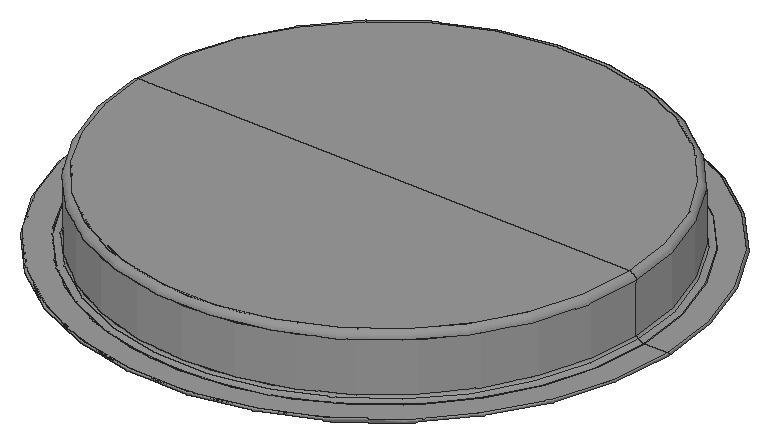
Revit family "MIA12_63_UN_Downlighter_ETK", category Lighting Fixtures, Revit 2017 (continued)
Definition of nested family "MIA.1 - Lightsource"
  Types (8, lengths in mm): name | Wattage | built-in parameter 1150134 | Photometric Web File | built-in parameter 1150142 | built-in parameter 1150105 | Lumens | built-in parameter 1150107 | built-in parameter 1150106
       317.2972 314.8072 312.5106 \r\n309.5975 306.3218 303.0219 299.8549 296.9781 293.2914 \r\n289.9674 286.5103 282.8599 279.1249 275.559 271.2559 \r\n267.7868 263.5441 259.2893 255.2278 250.9005 246.7908 \r\n242.0887 237.1208 232.6846 227.8375 223.7157 218.2763 \r\n212.8369 207.3976 202.3812 197.2924 192.2277 186.9334 \r\n181.7237 176.7194 171.4856 166.2758 160.6672 155.2158 \r\n149.8731 144.4216 138.9581 133.6275 128.4298 122.8938 \r\n117.2851 111.8095 106.4306 100.8582 95.3584 89.9432 84.4192 \r\n79.0886 73.758 68.234 62.9034 57.6454 52.4961 47.2984 \r\n42.1492 37.1449 32.2253 27.2936 22.4586 17.7203 13.0062 \r\n8.4492 4.0735 1.1121 0.0604 0.0604 0.0604 0.0604 0.0725 \r\n0.0725 0.0725 0.0846 0.0846 0.0967 0.1088 0.1209 0.1209 \r\n0.133 0.133 0.1571 0.1571 0.1692 0.1813 0.1813 0.1934 \r\n0.2055 0.2055 0.2176 0.2297 0.2297 0.2418 0.2538 0.2538 \r\n0.2659 0.2659 0.278 0.2901 0.2901 0.3022 0.3022 0.3143 \r\n0.3264 0.3264 0.3385 0.3385 0.3505 0.3505 0.3626 0.3626 \r\n0.3747 0.3868 0.3868 0.3868 0.411 0.411 0.4231 0.4231 \r\n0.4352 0.4352 0.4472 0.4472 0.4593 0.4593 0.4593 0.4714 \r\n0.4714 0.4714 0.4835 0.4835 0.4835 0.4956 0.4956 0.5198 \r\n0.5198 0.5319 0.5439 0.5439 0.556 0.5681 0.5802 0.5923 \r\n0.5923 0.6044 0.6044 0.6165 0.6165 0.6165 0.6165 0.6286 \r\n0.6286 0.6286 0.6286 0.6286 0.6286 0.6406 \r\n347.3105 347.2259 347.5644 346.8875 346.0776 344.0106 \r\n343.9018 343.2612 342.1612 340.5657 339.6833 338.0152 \r\n335.8637 334.2923 332.4066 330.5572 328.9254 326.3508 \r\n324.0904 321.5762 319.3521 316.4269 313.5501 311.0117 \r\n308.014 304.968 301.8373 297.9935 295.3947 291.9255 \r\n288.2872 284.9873 281.2764 277.2392 273.4437 269.5032 \r\n265.0671 261.2233 256.8113 253.3664 248.6402 244.1919 \r\n239.5503 235.223 230.5572 225.9398 221.0444 216.2456 \r\n211.2656 206.2734 201.4989 196.5188 191.1761 186.0389 \r\n180.8776 175.4382 170.1438 164.7286 159.2409 154.14 \r\n148.7489 143.2612 137.7372 132.189 126.9431 121.129 \r\n115.9072 110.4194 104.9317 99.4319 93.9925 88.4202 83.1621 \r\n77.6623 72.235 67.0615 61.6826 56.4366 51.1664 46.0534 \r\n40.9525 35.9483 30.9924 26.0486 21.274 16.4511 11.7732 \r\n7.2283 3.0219 0.689 0.0846 0.0846 0.0725 0.0725 0.0725 \r\n0.0725 0.0725 0.0725 0.0725 0.0846 0.0846 0.0967 0.0967 \r\n0.1088 0.1088 0.1209 0.133 0.1451 0.1571 0.1571 0.1692 \r\n0.1813 0.1813 0.1934 0.2055 0.2176 0.2176 0.2297 0.2297 \r\n0.2418 0.2538 0.2659 0.2659 0.278 0.278 0.278 0.2901 0.2901 \r\n0.3022 0.3143 0.3264 0.3264 0.3264 0.3385 0.3385 0.3505 \r\n0.3626 0.3626 0.3868 0.3868 0.3868 0.3989 0.3989 0.411 \r\n0.411 0.4231 0.4352 0.4352 0.4352 0.4352 0.4472 0.4472 \r\n0.4472 0.4593 0.4593 0.4593 0.4714 0.4714 0.4956 0.4956 \r\n0.5077 0.5077 0.5198 0.5439 0.556 0.556 0.556 0.5681 0.5802 \r\n0.5923 0.6165 0.6286 0.6286 0.6286 0.6406 0.6406 0.6406 \r\n0.6406 0.6406 0.6406 0.6406 \r\n346.7666 346.4402 345.9567 345.9446 345.3282 344.204 \r\n343.8293 342.4634 341.1822 340.2998 338.5833 337.3625 \r\n335.9362 333.8813 331.8143 330.2671 327.9463 326.0123 \r\n323.1234 320.851 318.8444 316.161 313.3084 309.9601 307.047 \r\n304.4119 301.0274 298.2352 294.5002 291.164 287.5257 284.25 \r\n280.6479 276.792 273.202 268.9955 264.7286 260.4497 \r\n256.6421 252.0972 247.9874 243.7689 239.3207 234.3406 \r\n229.9045 225.2992 220.0169 214.7347 209.4524 204.3515 \r\n199.033 194.0409 188.9399 184.0687 178.9073 173.8547 \r\n168.5241 163.121 157.8025 152.2422 146.8875 141.4481 \r\n136.0812 130.7869 125.1058 119.7026 114.3721 108.7997 \r\n103.3724 97.8605 92.4816 87.0543 81.6632 76.1876 70.7845 \r\n65.4901 60.1837 54.974 49.8006 44.5062 39.4778 34.4615 \r\n29.5298 24.719 19.896 15.1094 10.4557 5.9591 2.0911 0.2538 \r\n0.0725 0.0725 0.0725 0.0725 0.0725 0.0846 0.0846 0.0967 \r\n0.0967 0.1088 0.1209 0.1209 0.133 0.1451 0.1451 0.1571 \r\n0.1692 0.1692 0.1813 0.1934 0.1934 0.2176 0.2176 0.2297 \r\n0.2297 0.2418 0.2538 0.2538 0.2659 0.278 0.278 0.2901 \r\n0.2901 0.3022 0.3022 0.3143 0.3264 0.3264 0.3385 0.3385 \r\n0.3505 0.3505 0.3626 0.3626 0.3747 0.3747 0.3868 0.3868 \r\n0.3989 0.411 0.4231 0.4231 0.4352 0.4352 0.4472 0.4593 \r\n0.4593 0.4593 0.4714 0.4714 0.4714 0.4835 0.4835 0.4835 \r\n0.4835 0.4956 0.4956 0.5198 0.5198 0.5319 0.5439 0.556 \r\n0.556 0.5681 0.5802 0.5923 0.5923 0.6044 0.6044 0.6165 \r\n0.6165 0.6165 0.6165 0.6286 0.6286 0.6286 0.6286 0.6286 \r\n0.6286 0.6286 0.6406 \r\n348.3742 347.5281 347.0446 347.1171 345.6545 344.7842 \r\n343.8777 343.237 342.1008 340.3965 338.4987 337.5438 \r\n335.912 334.1956 332.2737 329.9529 327.7408 325.8915 \r\n323.3652 320.5488 318.3126 315.8226 312.6315 309.8392 \r\n307.0591 303.2636 300.5198 297.5341 294.0892 290.463 \r\n286.8609 282.6061 279.0161 275.5953 271.2438 267.8956 \r\n263.6287 259.6156 255.0465 251.1302 247.0688 241.9437 \r\n237.6163 232.9385 228.3694 223.6674 218.7598 213.8281 \r\n208.6547 204.0251 198.9605 194.1738 189.0729 183.6335 \r\n178.7381 173.4196 167.9197 162.7342 157.2465 151.8433 \r\n146.2106 140.8316 135.1988 129.832 124.308 118.7477 \r\n113.2117 107.7602 102.3208 97.099 91.5146 86.0389 80.5633 \r\n75.2206 69.7329 64.5111 59.2288 53.9707 48.7731 43.6359 \r\n38.6196 33.6637 28.732 23.7036 18.9653 14.2391 9.537 5.0888 \r\n1.5835 0.1451 0.0846 0.0846 0.0846 0.0846 0.0846 0.0846 \r\n0.0846 0.0846 0.0846 0.0846 0.0846 0.0967 0.0967 0.1209 \r\n0.1209 0.133 0.1451 0.1571 0.1571 0.1571 0.1692 0.1813 \r\n0.1934 0.2055 0.2055 0.2176 0.2297 0.2297 0.2418 0.2418 \r\n0.2538 0.2659 0.2659 0.278 0.278 0.2901 0.2901 0.3022 \r\n0.3022 0.3264 0.3264 0.3264 0.3264 0.3385 0.3385 0.3505 \r\n0.3626 0.3626 0.3747 0.3868 0.3868 0.3989 0.411 0.411 \r\n0.4231 0.4352 0.4352 0.4472 0.4472 0.4472 0.4472 0.4472 \r\n0.4472 0.4593 0.4593 0.4593 0.4714 0.4835 0.4956 0.4956 \r\n0.5077 0.5198 0.5319 0.5439 0.556 0.556 0.5681 0.5681 \r\n0.5802 0.5923 0.6165 0.6286 0.6406 0.6406 0.6406 0.6527 \r\n0.6527 0.6527 0.6648 0.6406 0.6406 \r\n347.794 347.371 346.549 345.9688 345.4491 344.1557 343.1403 \r\n342.959 341.8953 340.8316 339.2965 338.0152 336.5526 \r\n334.2439 332.5758 330.7385 328.2364 325.9277 323.6069 \r\n321.1531 318.0829 315.8951 312.9941 310.1777 306.8174 \r\n304.1702 301.0758 297.6429 294.3914 290.8014 287.2477 \r\n283.7906 280.1644 276.5623 272.1262 268.1736 264.1605 \r\n259.8936 255.7597 251.5774 246.4886 242.3305 237.8581 \r\n233.2165 228.6595 224.2596 218.8323 213.4051 207.9898 \r\n202.9373 197.8847 193.0134 188.0938 182.6544 177.2996 \r\n172.0778 166.6143 161.1386 155.9289 150.6588 145.3161 \r\n139.8042 134.3165 128.7199 123.3893 117.8049 112.4501 \r\n106.902 101.4384 95.9265 90.5597 84.9752 79.4875 74.1569 \r\n68.8867 63.5803 58.153 53.0037 47.8545 42.7052 37.6526 \r\n32.6725 27.7529 22.8938 18.0708 13.3688 8.7393 4.3757 \r\n1.2571 0.0725 0.0725 0.0725 0.0725 0.0846 0.0846 0.0967 \r\n0.1088 0.1088 0.1088 0.1209 0.133 0.1451 0.1451 0.1571 \r\n0.1571 0.1692 0.1813 0.1934 0.1934 0.2055 0.2055 0.2176 \r\n0.2297 0.2418 0.2418 0.2538 0.2659 0.2659 0.278 0.2901 \r\n0.3022 0.3022 0.3022 0.3143 0.3143 0.3264 0.3264 0.3385 \r\n0.3385 0.3505 0.3626 0.3626 0.3747 0.3747 0.3868 0.3989 \r\n0.3989 0.3989 0.411 0.4231 0.4352 0.4352 0.4472 0.4472 \r\n0.4593 0.4593 0.4714 0.4714 0.4835 0.4835 0.4835 0.4835 \r\n0.4835 0.4956 0.4956 0.5077 0.5077 0.5198 0.5319 0.5439 \r\n0.5439 0.556 0.556 0.5681 0.5802 0.5923 0.6044 0.6044 \r\n0.6165 0.6165 0.6165 0.6165 0.6286 0.6286 0.6286 0.6406 \r\n0.6406 0.6286 0.6286 0.6286 0.6406 \r\n346.5369 347.3589 346.6941 345.5578 344.8689 344.5546 \r\n343.6843 342.4755 341.2909 340.0701 337.979 336.4439 \r\n334.7033 332.878 330.8957 328.7804 326.242 324.5497 \r\n322.4828 319.6543 317.128 314.1061 311.5073 308.9568 \r\n306.1767 302.4538 299.6857 296.2045 292.9772 289.0729 \r\n285.5796 282.1588 278.4238 274.3503 270.4219 266.6747 \r\n262.3595 258.2618 253.7773 249.5105 245.026 240.8558 \r\n236.0571 231.5242 226.7376 221.9267 217.5269 212.4622 \r\n207.3009 202.3208 197.1232 192.2398 187.2598 182.1226 \r\n176.5623 171.4614 166.1912 160.8969 155.4817 150.1632 \r\n144.748 139.1877 133.6637 128.043 122.5553 117.1038 \r\n111.6403 106.1646 100.7011 95.2133 89.7981 84.5763 78.9073 \r\n73.6371 68.1857 63.0968 57.6816 52.5565 47.371 42.2338 \r\n37.1328 32.2495 27.342 22.4707 17.7324 13.0424 8.425 4.0856 \r\n1.1604 0.1088 0.0846 0.0846 0.0846 0.0846 0.0846 0.0846 \r\n0.0846 0.0846 0.0846 0.0846 0.0967 0.1088 0.1209 0.1209 \r\n0.133 0.1451 0.1451 0.1571 0.1692 0.1813 0.1813 0.2055 \r\n0.2055 0.2176 0.2176 0.2176 0.2297 0.2418 0.2538 0.2659 \r\n0.2659 0.2659 0.278 0.278 0.2901 0.2901 0.3022 0.3143 \r\n0.3264 0.3264 0.3264 0.3264 0.3385 0.3385 0.3505 0.3626 \r\n0.3747 0.3868 0.3868 0.3868 0.3989 0.411 0.411 0.4231 \r\n0.4352 0.4472 0.4352 0.4472 0.4472 0.4472 0.4472 0.4593 \r\n0.4593 0.4593 0.4593 0.4714 0.4714 0.4956 0.4956 0.5077 \r\n0.5077 0.5198 0.5319 0.556 0.556 0.556 0.5681 0.5681 0.5802 \r\n0.6044 0.6286 0.6286 0.6406 0.6406 0.6406 0.6648 0.6648 \r\n0.6648 0.6648 0.6527 0.6406 \r\n347.0688 347.0204 346.4402 345.8238 345.4249 344.7722 \r\n343.9502 343.0315 341.6536 340.2031 338.68 337.1812 \r\n335.2593 333.3011 331.3067 329.4935 327.5474 325.2025 \r\n322.7124 320.0894 317.3818 314.9039 312.3776 309.3678 \r\n306.5393 303.4329 300.133 296.8814 293.6299 290.0157 \r\n286.7158 282.8116 279.2095 275.2689 271.3042 267.0374 \r\n262.8792 258.8662 254.5509 250.3082 245.9567 241.5327 \r\n236.7098 232.2253 227.4024 223.1355 217.5269 211.9304 \r\n207.0833 202.1516 197.4374 192.0343 186.8004 181.9775 \r\n176.5986 171.2196 165.8286 160.5464 155.0949 149.6313 \r\n144.059 138.813 133.5187 127.9342 122.519 116.9709 111.5073 \r\n106.08 100.5681 95.1287 89.7377 84.3467 78.8469 73.3591 \r\n68.0648 62.6858 57.4761 52.2785 47.2138 42.0283 36.8911 \r\n31.9715 27.0277 22.1806 17.5148 12.7886 8.2558 3.9889 \r\n1.0758 0.0725 0.0725 0.0725 0.0846 0.0846 0.0846 0.0967 \r\n0.0967 0.1088 0.1209 0.1209 0.133 0.1451 0.1571 0.1571 \r\n0.1692 0.1813 0.1813 0.1934 0.2055 0.2176 0.2297 0.2297 \r\n0.2418 0.2418 0.2538 0.2659 0.2659 0.278 0.2901 0.2901 \r\n0.3022 0.3022 0.3143 0.3264 0.3264 0.3264 0.3385 0.3505 \r\n0.3505 0.3626 0.3626 0.3626 0.3747 0.3868 0.3868 0.3989 \r\n0.3989 0.411 0.411 0.4231 0.4352 0.4352 0.4472 0.4593 \r\n0.4593 0.4714 0.4714 0.4714 0.4835 0.4835 0.4835 0.4956 \r\n0.4956 0.4956 0.4956 0.5077 0.5077 0.5198 0.5319 0.5439 \r\n0.5439 0.556 0.5681 0.5681 0.5923 0.5923 0.6044 0.6044 \r\n0.6165 0.6286 0.6286 0.6286 0.6286 0.6286 0.6406 0.6406 \r\n0.6406 0.6406 0.6406 0.6406 0.6406 \r\n347.794 347.5885 347.0083 346.0293 345.9084 344.9776 \r\n343.4304 342.1612 341.9437 339.8404 338.813 337.3988 \r\n335.3922 333.5549 331.6088 329.7836 327.8134 325.42 \r\n322.7366 320.1982 317.5752 314.4446 312.148 309.4041 \r\n306.4547 302.8889 300.2176 296.5913 293.2431 289.5806 \r\n285.7851 282.7028 279.004 275.3052 270.8812 267.1945 \r\n262.9759 258.8058 254.3334 250.1632 245.7029 241.436 \r\n236.746 232.2495 227.5595 222.785 217.7324 213.0424 \r\n207.9778 203.1307 197.788 192.6508 187.707 182.8478 \r\n177.5656 172.2954 166.5659 161.3441 155.8564 150.5016 \r\n145.0381 139.7921 134.4252 128.4057 123.0992 117.4665 \r\n111.9666 106.4789 100.9791 95.576 90.0641 84.7576 79.2337 \r\n73.8184 68.4758 63.1452 57.8992 52.7257 47.5885 42.4755 \r\n37.3262 32.4066 27.4266 22.6399 17.8774 13.2117 8.6547 \r\n4.3032 1.2813 0.1088 0.0846 0.0846 0.0846 0.0846 0.0846 \r\n0.0846 0.0846 0.0846 0.0967 0.0967 0.0967 0.1088 0.1088 \r\n0.1209 0.133 0.1571 0.1571 0.1571 0.1692 0.1813 0.1934 \r\n0.2055 0.2176 0.2055 0.2176 0.2297 0.2418 0.2418 0.2538 \r\n0.2659 0.2659 0.278 0.278 0.2901 0.2901 0.3022 0.3264 \r\n0.3264 0.3264 0.3264 0.3264 0.3385 0.3505 0.3505 0.3505 \r\n0.3747 0.3747 0.3868 0.3868 0.3989 0.3989 0.3989 0.4231 \r\n0.4352 0.4352 0.4472 0.4472 0.4472 0.4472 0.4472 0.4593 \r\n0.4593 0.4593 0.4714 0.4714 0.4714 0.4714 0.4956 0.5077 \r\n0.5077 0.5077 0.5319 0.5319 0.556 0.556 0.556 0.5681 0.5802 \r\n0.5802 0.6044 0.6286 0.6406 0.6406 0.6527 0.6648 0.6769 \r\n0.6769 0.6769 0.6769 0.6527 0.6406 \r\n347.4918 347.4556 347.4556 346.5853 345.7633 345.2194 \r\n344.5062 343.2733 341.581 341.2426 340.5899 338.3053 \r\n336.4318 334.5582 333.3495 331.8627 329.8682 327.2211 \r\n325.4805 323.4014 320.7422 318.4093 315.6171 312.7644 \r\n309.3195 306.4668 303.6383 300.0363 296.7243 292.7354 \r\n290.6322 287.6224 283.5489 279.7292 275.5107 271.7152 \r\n266.9527 264.6803 259.1563 254.9015 250.1994 246.0413 \r\n241.3756 237.3262 232.6363 228.0189 222.9542 217.9862 \r\n212.704 207.5184 202.7076 197.5221 192.4816 187.1389 \r\n182.4006 176.5744 171.0141 165.5627 160.4134 154.841 \r\n148.9061 143.4063 137.8944 132.2857 126.5079 121.0081 \r\n115.2665 109.5975 103.9284 98.2594 93.1222 87.0301 81.8687 \r\n76.1272 70.5669 65.0792 59.8453 54.2488 49.039 43.8051 \r\n38.5713 33.5308 28.4661 23.5223 18.6389 13.8523 9.1261 4.69 \r\n1.4868 0.1571 0.133 0.133 0.133 0.133 0.1451 0.1451 0.1451 \r\n0.1451 0.1451 0.1451 0.1451 0.1571 0.1692 0.1813 0.1934 \r\n0.2055 0.2055 0.2176 0.2297 0.2418 0.2538 0.2659 0.2659 \r\n0.278 0.2901 0.3022 0.3143 0.3264 0.3264 0.3385 0.3385 \r\n0.3505 0.3626 0.3626 0.3747 0.3747 0.3868 0.3989 0.3989 \r\n0.411 0.411 0.4352 0.4352 0.4352 0.4472 0.4472 0.4472 \r\n0.4593 0.4714 0.4714 0.4835 0.4835 0.4956 0.4956 0.4956 \r\n0.5077 0.5077 0.5077 0.5198 0.5319 0.5439 0.5439 0.5439 \r\n0.556 0.556 0.556 0.556 0.556 0.556 0.556 0.556 0.556 0.556 \r\n0.556 0.556 0.556 0.556 0.5681 0.5681 0.5802 0.5802 0.6165 \r\n0.6406 0.6648 0.6648 0.6769 0.6769 0.6769 0.6769 0.6769 \r\n0.6406 \r\n348.6764 349.6434 348.4468 348.1446 347.9753 346.8512 \r\n345.9688 344.9535 344.337 342.7535 342.1612 341.3151 \r\n338.7526 337.5076 335.6098 334.1593 331.3187 329.8924 \r\n327.487 326.0002 322.9058 320.3916 317.6115 315.1457 \r\n312.3414 309.4524 306.0558 303.2757 299.9637 296.6759 \r\n292.9772 289.6531 286.1235 282.4973 277.9524 274.169 \r\n270.2889 266.1912 262.1903 257.6212 253.1971 248.8215 \r\n244.3612 239.635 235.078 230.666 225.6739 220.1499 214.6259 \r\n209.114 204.279 198.9846 193.7024 188.4806 183.2346 \r\n177.9886 172.5734 166.989 161.4287 155.9531 150.5137 \r\n144.8809 139.3207 133.5912 128.0068 122.374 116.7412 \r\n111.2897 105.6086 99.6736 93.9079 88.4564 82.9566 77.3963 \r\n71.9811 66.4451 60.9452 55.7355 50.1994 44.9414 39.6229 \r\n34.5703 29.4694 24.4893 19.5455 14.7105 10.0447 5.4998 \r\n1.8252 0.1934 0.1088 0.1088 0.1209 0.1209 0.1209 0.1209 \r\n0.133 0.133 0.1451 0.1571 0.1571 0.1813 0.1934 0.2055 \r\n0.2055 0.2176 0.2297 0.2418 0.2538 0.2538 0.2659 0.278 \r\n0.2901 0.2901 0.3022 0.3143 0.3264 0.3385 0.3385 0.3505 \r\n0.3626 0.3747 0.3747 0.3868 0.3868 0.3868 0.3989 0.411 \r\n0.4231 0.4352 0.4352 0.4472 0.4472 0.4593 0.4593 0.4714 \r\n0.4714 0.4835 0.4956 0.4956 0.4956 0.4956 0.5077 0.5077 \r\n0.5198 0.5198 0.5319 0.5319 0.5319 0.5319 0.5319 0.5319 \r\n0.5439 0.5439 0.5439 0.5439 0.5439 0.5439 0.5439 0.5439 \r\n0.5439 0.5439 0.556 0.556 0.5681 0.5681 0.5681 0.5802 \r\n0.5923 0.5923 0.6044 0.6406 0.6527 0.6527 0.6648 0.6648 \r\n0.6648 0.6769 0.6648 0.6406 0.6406 \r\n347.5281 347.8666 347.5765 347.105 347.7094 346.2952 \r\n345.2677 344.059 343.6238 343.5392 342.2217 340.336 \r\n339.1515 337.4109 335.5494 333.4582 331.2825 329.5177 \r\n327.354 325.3596 323.0751 320.8751 317.7807 314.5171 \r\n312.2326 309.5491 306.1525 302.623 299.5528 296.41 293.6057 \r\n290.197 286.2202 282.3039 278.448 275.1481 270.8933 266.711 \r\n262.0815 258.008 253.4147 248.8336 244.6271 240.1547 \r\n235.5373 230.4364 225.831 221.3345 216.1731 210.8546 \r\n205.6086 200.6527 195.6364 190.2816 185.1082 179.56 174.169 \r\n168.7296 163.2902 158.1289 152.4235 146.6578 141.0371 \r\n135.3197 129.6869 124.0662 118.3609 112.7402 107.1437 \r\n101.5472 95.9023 90.3179 84.6005 78.9556 73.3591 67.823 \r\n62.3837 57.1256 51.6016 46.2952 41.0734 36.0087 30.8715 \r\n25.8068 20.863 16.0039 11.2535 6.6481 2.623 0.5319 0.133 \r\n0.133 0.133 0.133 0.133 0.133 0.133 0.133 0.133 0.133 \r\n0.1451 0.1571 0.1692 0.1692 0.1813 0.1934 0.2055 0.2176 \r\n0.2176 0.2176 0.2418 0.2418 0.2659 0.2659 0.278 0.278 \r\n0.2901 0.3022 0.3264 0.3264 0.3264 0.3385 0.3505 0.3505 \r\n0.3505 0.3626 0.3626 0.3868 0.3868 0.3868 0.3989 0.411 \r\n0.4231 0.4352 0.4352 0.4472 0.4472 0.4472 0.4593 0.4593 \r\n0.4714 0.4835 0.4956 0.4956 0.4956 0.4956 0.4956 0.5077 \r\n0.5077 0.5198 0.5198 0.5439 0.556 0.556 0.556 0.556 0.556 \r\n0.556 0.556 0.556 0.556 0.556 0.556 0.556 0.556 0.556 0.556 \r\n0.556 0.556 0.556 0.5681 0.6165 0.6406 0.6406 0.6648 0.6769 \r\n0.6769 0.6769 0.6769 0.6648 0.6406 \r\n348.1083 347.1534 347.3831 347.4918 347.3347 346.5248 \r\n346.0051 345.2436 343.648 342.7656 341.4843 340.4569 \r\n339.1635 337.5317 336.3472 334.3527 332.4791 330.4605 \r\n328.2364 326.0002 323.6
      069 321.0564 318.2159 316.294 \r\n312.4622 310.3227 307.2404 303.6504 301.0879 297.6188 \r\n294.1376 290.463 287.1993 283.5368 279.7534 275.7283 \r\n272.2833 268.0285 263.5441 259.386 255.4212 250.3082 \r\n246.3798 241.8107 237.3746 232.455 227.6562 223.6311 \r\n218.0104 212.3897 206.7811 201.6923 196.4463 191.2003 \r\n185.8576 180.8292 175.281 169.5757 164.2814 158.8904 \r\n153.5598 147.9874 142.5239 136.7944 131.2462 125.5893 \r\n119.8598 113.9732 108.4733 102.7922 97.244 91.6959 86.1114 \r\n80.5028 74.8942 69.3582 63.8704 58.3464 53.0521 47.7336 \r\n42.5239 37.2416 32.177 27.209 22.2289 17.3577 12.571 7.9778 \r\n3.59 0.9791 0.0967 0.1088 0.1088 0.1088 0.1209 0.1209 0.133 \r\n0.133 0.1451 0.1571 0.1571 0.1692 0.1813 0.1813 0.1934 \r\n0.2055 0.2176 0.2297 0.2297 0.2418 0.2538 0.2538 0.2659 \r\n0.278 0.2901 0.3022 0.3143 0.3264 0.3264 0.3385 0.3505 \r\n0.3505 0.3626 0.3747 0.3747 0.3747 0.3868 0.3989 0.3989 \r\n0.411 0.4231 0.4231 0.4352 0.4472 0.4593 0.4593 0.4593 \r\n0.4714 0.4714 0.4835 0.4956 0.4956 0.4956 0.4956 0.5077 \r\n0.5198 0.5198 0.5198 0.5198 0.5198 0.5198 0.5198 0.5198 \r\n0.5319 0.5319 0.5319 0.5319 0.5319 0.5319 0.5319 0.5439 \r\n0.5439 0.5439 0.556 0.556 0.556 0.5681 0.5681 0.5802 0.5923 \r\n0.6044 0.6165 0.6165 0.6286 0.6406 0.6406 0.6527 0.6406 \r\n0.6406 0.6406 0.6406 \r\n347.5765 347.5039 347.6852 347.6611 346.96 345.9446 \r\n345.3403 344.8809 343.7931 343.1887 341.9195 340.3239 \r\n338.9581 337.435 335.767 334.0505 332.2253 330.0979 \r\n328.4177 326.0002 323.7278 321.2982 318.6631 316.1247 \r\n313.2842 310.0085 307.3009 304.2065 300.9428 297.3891 \r\n294.0529 290.6805 287.5982 283.8994 280.0677 276.526 \r\n272.4163 268.2945 264.1243 260.1837 255.8806 251.5412 \r\n246.8633 242.3063 238.0998 232.9868 228.2727 223.5586 \r\n218.4939 213.2842 208.3646 203.5054 198.5011 193.2793 \r\n188.3839 182.872 176.9975 171.6548 166.3121 161.1266 \r\n155.6872 149.9214 144.2766 138.5713 133.0231 127.2332 \r\n121.7938 115.9797 110.3832 104.7867 99.178 93.4969 87.985 \r\n82.2434 76.7799 71.0988 65.6956 60.3409 54.9377 49.6313 \r\n44.2403 39.0668 33.8934 28.8166 23.8487 18.9653 14.1787 \r\n9.4524 4.9438 1.5472 0.1692 0.1209 0.133 0.133 0.133 0.133 \r\n0.133 0.133 0.133 0.133 0.133 0.1451 0.1451 0.1571 0.1692 \r\n0.1692 0.1813 0.1934 0.2055 0.2176 0.2176 0.2297 0.2418 \r\n0.2659 0.2659 0.2659 0.278 0.2901 0.2901 0.3143 0.3143 \r\n0.3264 0.3385 0.3385 0.3385 0.3505 0.3505 0.3747 0.3868 \r\n0.3868 0.3868 0.3989 0.411 0.4231 0.4231 0.4352 0.4472 \r\n0.4472 0.4472 0.4593 0.4593 0.4714 0.4835 0.4835 0.4835 \r\n0.4956 0.4956 0.4956 0.5077 0.5077 0.5198 0.5198 0.5319 \r\n0.5319 0.5319 0.5319 0.5319 0.5319 0.5319 0.5319 0.5439 \r\n0.5439 0.5439 0.5439 0.5439 0.5439 0.5439 0.556 0.556 0.556 \r\n0.5802 0.6165 0.6286 0.6406 0.6527 0.6769 0.6769 0.6769 \r\n0.6769 0.6648 0.6406 \r\n347.3105 347.3226 348.0358 346.96 347.0446 346.1018 \r\n345.4853 345.3282 344.4337 344.1436 342.2096 341.5569 \r\n340.1426 338.7405 336.8669 335.1021 333.1198 331.1495 \r\n329.4331 326.9914 325.6134 322.3982 320.6213 318.2521 \r\n314.9281 311.7732 309.2228 306.5152 302.7439 299.867 \r\n296.3254 293.1222 289.2784 286.4015 282.1347 278.1941 \r\n274.5195 270.857 266.2517 262.154 258.2497 253.5477 \r\n249.3171 245.0864 240.6382 235.8153 231.4517 226.6771 \r\n221.0927 215.5083 209.9238 204.5449 199.2143 193.9562 \r\n189.2663 183.706 178.5084 173.4075 168.5604 162.9397 \r\n157.186 151.5895 146.1743 140.3965 134.7879 128.9254 \r\n123.2806 117.817 112.2688 106.4064 100.9428 95.1529 89.4718 \r\n84.0566 78.4117 72.8514 67.3033 61.9122 56.5454 51.106 \r\n45.86 40.602 35.4043 30.3276 25.3113 20.3916 15.4599 \r\n10.8062 6.1767 2.212 0.3505 0.0967 0.1088 0.1088 0.1088 \r\n0.1209 0.1209 0.133 0.133 0.1451 0.1451 0.1571 0.1692 \r\n0.1813 0.1934 0.1934 0.2055 0.2176 0.2176 0.2418 0.2418 \r\n0.2538 0.2538 0.2659 0.278 0.2901 0.3022 0.3143 0.3264 \r\n0.3264 0.3385 0.3505 0.3626 0.3626 0.3626 0.3747 0.3747 \r\n0.3868 0.3989 0.411 0.4231 0.4231 0.4231 0.4352 0.4472 \r\n0.4593 0.4593 0.4714 0.4714 0.4835 0.4956 0.4956 0.5077 \r\n0.5077 0.5077 0.5198 0.5198 0.5198 0.5319 0.5319 0.5319 \r\n0.5319 0.5319 0.5319 0.5319 0.5319 0.5319 0.5319 0.5319 \r\n0.5439 0.5439 0.5439 0.5439 0.556 0.556 0.556 0.5681 0.5681 \r\n0.5802 0.5923 0.5923 0.6044 0.6044 0.6165 0.6165 0.6286 \r\n0.6286 0.6286 0.6286 0.6286 0.6406 \r\n" | 87.535 (stored number, unit not read) | 1100 lm | 4000 (stored number, unit not read) | 0.87535 (stored number, unit not read)
  Reference planes
    plane 1 "Center (Front/Back)": y = 0
    plane 2: z = 0
    plane 3 "Center (Left/Right)": x = 0
  Dimensions and locks
    aligned and locked: level to plane 2
Definition of nested family "MIA1.Light_Symbol_IVL"
  Parameters (values of type "Lighting Fixture Round - Waterproof")
    Waterproof = yes
    Lighting Fixture = yes
    Emergency Lighting = no
  Types (3, lengths in mm): name | Waterproof | Emergency Lighting
    Lighting Fixture - Round | no | no
    Lighting Fixture Round - Emergency Lighting | no | yes
    Lighting Fixture Round - Waterproof | yes | no
  Reference planes
    plane 1: y = 0
    plane 2: x = 0
  Lines and regions (mm)
    Filled region 1, type "Emergency Lighting", visible <- "Waterproof"
      outline origin (5.15, 1.04, 0) x (1, 0, 0) y (0, 1, 0)
        loop
          arc (-5.99, -1.34) -> (-5.15, -1.941) -> (-4.31, -1.34) r 0.888
          line (-4.31, -1.34) -> (-5.99, -1.34)
    Filled region 2, type "Emergency Lighting", visible <- "Emergency Lighting"
      outline origin (-5.15, 1.04, 0) x (0, 1, 0) y (-1, 0, 0)
        loop
          line (-1.04, -5.15) -> (-1.677, -5.786)
          arc (-1.677, -5.786) -> (-1.04, -6.05) -> (-0.404, -5.786) r 0.9
          line (-0.404, -5.786) -> (-1.04, -5.15)
    Filled region 3, type "Emergency Lighting", visible <- "Emergency Lighting"
      outline origin (5.15, 1.04, 0) x (1, 0, 0) y (0, 1, 0)
        loop
          line (-5.15, -1.04) -> (-5.786, -0.404)
          arc (-5.786, -0.404) -> (-6.05, -1.04) -> (-5.786, -1.677) r 0.9
          line (-5.786, -1.677) -> (-5.15, -1.04)
    detail lines, visible <- "Lighting Fixture"
      curve 1: circle (0, 0, 0) r 0.9 normal (0, 0, 1)
    detail lines, visible <- "Waterproof"
      curve 2: circle (0, 0, 0) r 0.9 normal (0, 0, 1)
    detail lines, visible <- "Emergency Lighting"
      curve 3: circle (0, 0, 0) r 0.9 normal (0, 0, 1)
Types (9, lengths in mm): name | Luminaire_Material
  (no name) | RAL9003
  MIA.1210.15 - Ø180 / 10W / 1000lm / 3000K | RAL9003
  MIA.1210.25/35 - Ø180 / 10W / 1000lm / 3000K | RAL9005
  MIA.1260.15 - Ø180 / 10W / 1100lm / 4000K | RAL9003
  MIA.1260.25/35 - Ø180 / 10W / 1100lm / 4000K | RAL9005
  MIA.1213.15 - Ø180 / 10W / 1000lm / 3000K | RAL9003
  MIA.1213.25/35 - Ø180 / 10W / 1000lm / 3000K | RAL9005
  MIA.1263.15 - Ø180 / 10W / 1100lm / 4000K | RAL9003
  MIA.1263.25/35 - Ø180 / 10W / 1100lm / 4000K | RAL9005
